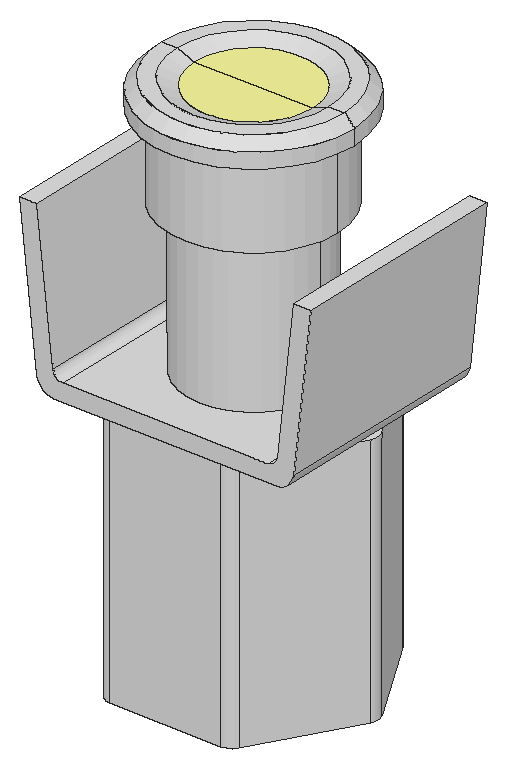
Revit family "0041775", category Lighting Fixtures, host Face, Revit 2017
Family settings
  Host = Face
  Round Connector Dimension = Use Diameter
  Part Type = Normal
  OmniClass Number = 23.80.70.00
  OmniClass Title = Lighting
  Cut with Voids When Loaded = No
  Light Source = Yes
  Shared = No
  Room Calculation Point = No
Parameters (values of type "0041775 SYLSAFE XSPOT OA R EM3 NM MS")
  Weight = "8.0 kg"
  Wattage Comments = ""
  Wattage = 9.2903 W
  WarrantyStartDate [instance] = "n/a"
  WarrantyGuarantorParts = "n/a"
  WarrantyDurationUnit = "n/a"
  WarrantyDurationParts = "n/a"
  WarrantyDescription = "n/a"
  WallThickness_SYL = 5 mm
  built-in parameter 1150110 = 1 (stored number, unit not read)
  Voltage = 0 V
  UnderTheWall1_SYL = 5 mm
  URL = "http://www.sylvania-lighting.com"
  TypeName = "SylSafe XSpot OA R EM3 NM MS"
  Type Image = <None>
  Type Comments = "n/a"
  built-in parameter 1114217 = 1 (stored number, unit not read)
  Tilt Angle = -90.00°
  Thread_SYL = 4 mm
  built-in parameter 1150109 = 1 (stored number, unit not read)
  built-in parameter 1150134 = 3
  built-in parameter 1150113 = 1 (stored number, unit not read)
  SerialNumber [instance] = "n/a"
  R_SYL = 6 mm
  R1_SYL = 5 mm
  Photometric Web File = "0041775.ies"
  OverTheWall_SYL = 1.5 mm
  OverTheWall2_SYL = 20 mm
  Material_3_SYL = Lighting_SYL
  PowerFactor = 0.45
  PowerConsumption = "2.8 W"
  NominalLength = 12 mm
  NominalHeight = 26.5 mm
  NominalDepth = 12 mm
  Name = "SylSafe XSpot OA R EM3 NM MS"
  ModelReference = Name  # "SylSafe XSpot OA R EM3 NM MS"
  ModelNumber = "0041775"
  Model = Name  # "SylSafe XSpot OA R EM3 NM MS"
  Material = "n/a"
  ManufacturerName = "Feilo Sylvania"
  Manufacturer = "Feilo Sylvania"
  LuminousEfficacy = "29 lm/W"
  built-in parameter 1150105 = 109.82 (stored number, unit not read)
  Lumens = 1380 lm
  LuminaireType = ""
  built-in parameter 1150115 = 1 (stored number, unit not read)
  LightOutputRatio = "n/a"
  built-in parameter 1150137 = (empty or 0)
  built-in parameter 1150139 = (empty or 0)
  LampsType = Lamp  # "LED"
  LampW_SYL = 3.5 mm
  LampW1_SYL = 4.5 mm
  LampNominalLuminous = "80 lm"
  LampMacAdamStep = "n/a"
  LampH_SYL = 1.1 mm
  LampColourTemperature = "5700 K"
  LampColourRenderingIndex = "70"
  built-in parameter 1150112 = 1 (stored number, unit not read)
  built-in parameter 1150114 = 1 (stored number, unit not read)
  Lamp = "LED"
  Keynote = "16500"
  InstallationDate [instance] = "n/a"
  InputVoltage = "n/a"
  InputNominalFrequency = "n/a"
  built-in parameter 1150132 = (empty or 0)
  built-in parameter 1150102 = (empty or 0)
  built-in parameter 1150107 = 3200 (stored number, unit not read)
  built-in parameter 1150138 = (empty or 0)
  IngressProtection = "IP20"
  ImpactProtectionIndex = "IK03"
  built-in parameter 1150106 = 1.0982 (stored number, unit not read)
  IfcExportType = "IfcLightFixtureType"
  IfcExportAs = "IfcLightFixtureType"
  FrameWidth_SYL = 8.6 mm
  FrameThickness_SYL = 1 mm
  FrameH_SYL = 10 mm
  FixingThread_SYL = 4 mm
  FixingThickness_SYL = 6.5 mm
  FixingStart_SYL = -(WallThickness_SYL + FrameH_SYL)  # -15 mm
  FixingEnd_SYL = FixingStart_SYL - 15 mm  # -30 mm
  Emit from Line Length = 609.6 mm
  ElectricShockClassification = "Class II"
  built-in parameter 1150104 = 13.8 (stored number, unit not read)
  DocumentationLiterature = "http://www.sylvania-lighting.com/product/en-int/products/0041775"
  DimmingControlOptions = "n/a"
  Material_2_SYL = Lighting_SYL
  Dimming Lamp Color Temperature Shift = <None>
  Description = "SylSafe XSpot OA R EM3 NM MS is a miniature emergency recessed spotlight with small form factor - cut-out diameter: 10mm. Non-maintained 3 hr emergency duration with NiMH rechargeable battery. Recharge period 24 hours. Quick and easy installation with driver module and battery pack contained in articulated case that can placed near the luminaire. Suitable for sheet metal installation. 80lm, 2.8W, IK03, IP20. Power Factor 0.45. Class II electrical construction."
  Default Elevation = 1219.2 mm
  CreatedOn = "2/13/2020"
  CreatedBy = "@sylvania-lighting.com"
  Cost = 0
  Color Filter = 16777215
  built-in parameter 1114216 [instance] = (empty or 0)
  ClassificationValue = "EF_70_80"
  ClassificationName = "Uniclass2015"
  Material_1_SYL = Lighting_SYL
  Chamfer_SYL = 0.6 mm
  BarCode [instance] = "n/a"
  built-in parameter 1114218 = 1 (stored number, unit not read)
  built-in parameter 1150133 = 10 (stored number, unit not read)
  AssetType = "Fixed"
  AssetIdentifier [instance] = "n/a"
  Assembly Code = "D5020200"
  Apparent Load = 2.8 VA
  Material_4_SYL = LEDLamp_SYL
Reference planes
  plane 1 "Center (Front/Back)": y = 0
  plane 2: z = 0
  plane 3 "Center (Left/Right)": x = 0
  plane 4: x = -6
  plane 5: x = -5
  plane 6: x = -5.4
  plane 7: x = -4
  plane 8: z = 1.5
  plane 9: z = 0.9
  plane 10: z = -5
  plane 11: z = -20
  plane 12: z = 1.1
  plane 13: x = -3.5
  plane 14: x = -4.5
  plane 15: z = 0
  plane 16: z = 0
  plane 17: z = 0
  plane 18: z = 0
  plane 19: z = 0
  plane 20: z = 0
  plane 21: z = 0
  plane 22: y = 6.5
  plane 23: y = -6.5
  plane 24: y = 4
  plane 25: z = -5
  plane 26: z = -15
  plane 27: z = -14
  plane 28: x = -8.6
  plane 29: x = -7.6
  plane 30: x = -6.6
Forms (mm)
  Revolve 1, solid, material "Lighting_SYL" <- "Material_3_SYL"
    sketch origin (0, 0, 0) x (1, 0, 0) y (0, 0, 1)
      loop
        line (0, 1.1) -> (-3.5, 1.1) -> (-4.5, 1.5) -> (-5.4, 1.5) -> (-6, 0.9) -> (-6, 0) -> (-5, 0) -> (-5, -5) -> (-4, -5) -> (-4, -20) -> (0, -20) -> (0, 1.1)
      axis (0, 1.5) -> (0, -20)
    angle from 360 to 0
  Extrusion 2, solid, material "Lighting_SYL" <- "Material_1_SYL"
    sketch origin (0, 0, 0) x (1, 0, 0) y (0, 1, 0)
      loop
        line (7.299, 0.4) -> (3.996, 6.1)
        arc (3.996, 6.1) -> (3.703, 6.393) -> (3.303, 6.5) r 0.8
        line (3.303, 6.5) -> (-3.303, 6.5)
        arc (-3.303, 6.5) -> (-3.703, 6.393) -> (-3.996, 6.1) r 0.8
        line (-3.996, 6.1) -> (-7.299, 0.4)
        arc (-7.299, 0.4) -> (-7.406, 0) -> (-7.299, -0.4) r 0.8
        line (-7.299, -0.4) -> (-3.996, -6.1)
        arc (-3.996, -6.1) -> (-3.703, -6.393) -> (-3.303, -6.5) r 0.8
        line (-3.303, -6.5) -> (3.303, -6.5)
        arc (3.303, -6.5) -> (3.703, -6.393) -> (3.996, -6.1) r 0.8
        line (3.996, -6.1) -> (7.299, -0.4)
        arc (7.299, -0.4) -> (7.406, 0) -> (7.299, 0.4) r 0.8
      loop
        circle (0, 0) r 4
    from -30 <- "FixingEnd_SYL" to -15 <- "FixingStart_SYL"
  Extrusion 3, solid, material "Lighting_SYL" <- "Material_2_SYL"
    sketch origin (0, 0, 0) x (1, 0, 0) y (0, 0, 1)
      loop
        line (-8.6, -5) -> (-7.588, -14.11)
        arc (-7.588, -14.11) -> (-7.261, -14.745) -> (-6.594, -15) r 1
        line (-6.594, -15) -> (0, -15) -> (0, -14) -> (-6.063, -14)
        arc (-6.063, -14) -> (-6.463, -13.847) -> (-6.659, -13.466) r 0.6
        line (-6.659, -13.466) -> (-7.6, -5) -> (-8.6, -5)
    from -6.521 to 6.521
  Extrusion 4, solid, material "Lighting_SYL" <- "Material_2_SYL"
    sketch origin (0, 0, 0) x (-1, 0, 0) y (0, 0, -1)
      loop
        line (-8.6, 5) -> (-7.6, 5) -> (-6.659, 13.466)
        arc (-6.659, 13.466) -> (-6.463, 13.847) -> (-6.063, 14) r 0.6
        line (-6.063, 14) -> (0, 14) -> (0, 15) -> (-6.594, 15)
        arc (-6.594, 15) -> (-7.261, 14.745) -> (-7.588, 14.11) r 1
        line (-7.588, 14.11) -> (-8.6, 5)
    from -6.521 to 6.521
Cuts and joins
  joined: Extrusion 3, Extrusion 4
Lines and regions (mm)
  reference lines
    curve 1: line (-8.6, 0, -5) -> (-7.6, 0, -14)
    curve 2: line (-7.6, 0, -5) -> (-6.6, 0, -14)
Dimensions and locks
  "R_SYL": plane 3 "Center (Left/Right)" to plane 4
  "R1_SYL": plane 3 "Center (Left/Right)" to plane 5
  "Chamfer_SYL": plane 6 to plane 4
  "Thread_SYL": plane 3 "Center (Left/Right)" to plane 7
  "OverTheWall_SYL": plane 8 to host face
  "Chamfer_SYL": plane 8 to plane 9
  "UnderTheWall1_SYL": host face to plane 10
  "OverTheWall2_SYL": host face to plane 11
  "LampH_SYL": plane 12 to host face
  "LampW_SYL": plane 3 "Center (Left/Right)" to plane 13
  "LampW1_SYL": plane 3 "Center (Left/Right)" to plane 14
  "FixingThickness_SYL": plane 23 to plane 1 "Center (Front/Back)" to plane 22
  "FixingThread_SYL": plane 1 "Center (Front/Back)" to plane 24
  "WallThickness_SYL": host face to plane 25
  "FrameThickness_SYL": plane 27 to plane 26
  "FrameWidth_SYL": plane 3 "Center (Left/Right)" to plane 28
  "FrameThickness_SYL": plane 29 to plane 28
  locked: plane 30 to plane 29 at 1
  "FrameH_SYL": plane 25 to plane 26
  aligned and locked: plane 2 to host face
  aligned and locked: level to host face
  aligned and locked: Revolve 1 sketch curve to plane 3 "Center (Left/Right)"
  aligned and locked: plane 22 to Extrusion 2
  aligned and locked: plane 23 to Extrusion 2
  aligned and locked: plane 25 to curve 1
  aligned and locked: plane 28 to curve 1
  aligned and locked: plane 27 to curve 1
  aligned and locked: plane 29 to curve 1
  aligned and locked: Extrusion 3 sketch curve to plane 3 "Center (Left/Right)"
  aligned and locked: plane 25 to curve 2
  aligned and locked: plane 29 to curve 2
  aligned and locked: plane 27 to curve 2
  aligned and locked: plane 30 to curve 2
  aligned and locked: Extrusion 3 sketch curve to curve 2
  aligned and locked: Extrusion 3 sketch curve to plane 27
  aligned and locked: plane 25 to Extrusion 3 sketch curve
  aligned and locked: plane 26 to Extrusion 3 sketch curve
  aligned and locked: Extrusion 3 sketch curve to curve 1
Automatic sketch dimensions
  host sketch curve to host sketch curve = 2438.4 mm  (x2)
  Revolve 1 sketch curve to level = 0 mm
  Revolve 1 sketch curve to plane 4 = 0 mm
  Revolve 1 sketch curve to plane 6 = 0 mm
  Revolve 1 sketch curve to plane 5 = 0 mm
  Revolve 1 sketch curve to plane 8 = 0 mm
  Revolve 1 sketch curve to plane 14 = 0 mm
  Revolve 1 sketch curve to plane 7 = 0 mm
  Revolve 1 sketch curve to plane 12 = 0 mm
  Revolve 1 sketch curve to plane 13 = 0 mm
  Revolve 1 sketch curve to plane 3 "Center (Left/Right)" = 0 mm
  Revolve 1 sketch curve to plane 11 = 0 mm
  Revolve 1 sketch curve to plane 10 = 0 mm
  Revolve 1 sketch curve to plane 9 = 0 mm
  plane 11 to Revolve 1 sketch curve = 589.6 mm
  Revolve 1 sketch curve to plane 8 = 2607.558 mm
  plane 1 "Center (Front/Back)" to Extrusion 2 sketch curve = 0 mm  (x3)
  plane 22 to Extrusion 2 sketch curve = 0 mm
  plane 23 to Extrusion 2 sketch curve = 0 mm
  Extrusion 2 sketch curve to plane 3 "Center (Left/Right)" = 0 mm
  plane 13 to Extrusion 2 sketch curve = 0.197 mm  (x2)
  plane 7 to Extrusion 2 sketch curve = 0.004 mm  (x2)
  Extrusion 2 sketch curve to plane 30 = 0.006 mm
  plane 29 to Extrusion 2 sketch curve = 0.301 mm  (x2)
  Extrusion 2 sketch curve to plane 23 = 0.8 mm
  plane 3 "Center (Left/Right)" to Extrusion 2 sketch curve = 3.303 mm  (x2)
  plane 22 to Extrusion 2 sketch curve = 0.8 mm  (x2)
  Extrusion 2 sketch curve to plane 23 = 0.4 mm  (x2)
  plane 22 to Extrusion 2 sketch curve = 0.4 mm
  Extrusion 2 sketch curve to Extrusion 2 sketch curve = 3.303 mm
  plane 1 "Center (Front/Back)" to Extrusion 2 sketch curve = 0.4 mm  (x2)
  Extrusion 2 sketch curve to Extrusion 2 sketch curve = 0.693 mm
  Extrusion 2 sketch curve to plane 1 "Center (Front/Back)" = 0.4 mm
  Extrusion 3 sketch curve to plane 27 = 0 mm
  Extrusion 3 sketch curve to plane 30 = 0.059 mm
  Extrusion 4 sketch curve to plane 10 = 0 mm
  Extrusion 4 sketch curve to plane 27 = 0 mm  (x2)
  Extrusion 4 sketch curve to plane 26 = 0 mm
  Extrusion 4 sketch curve to plane 3 "Center (Left/Right)" = 0 mm
  Extrusion 4 sketch curve to Extrusion 4 sketch curve = 6.063 mm
  Extrusion 4 sketch curve to Extrusion 4 sketch curve = 0.531 mm
  plane 27 to Extrusion 4 sketch curve = 0.534 mm
  Extrusion 4 sketch curve to Extrusion 4 sketch curve = 0.065 mm
  Extrusion 4 sketch curve to plane 27 = 0.11 mm
  radius of Extrusion 2 sketch curve = 4 mm
